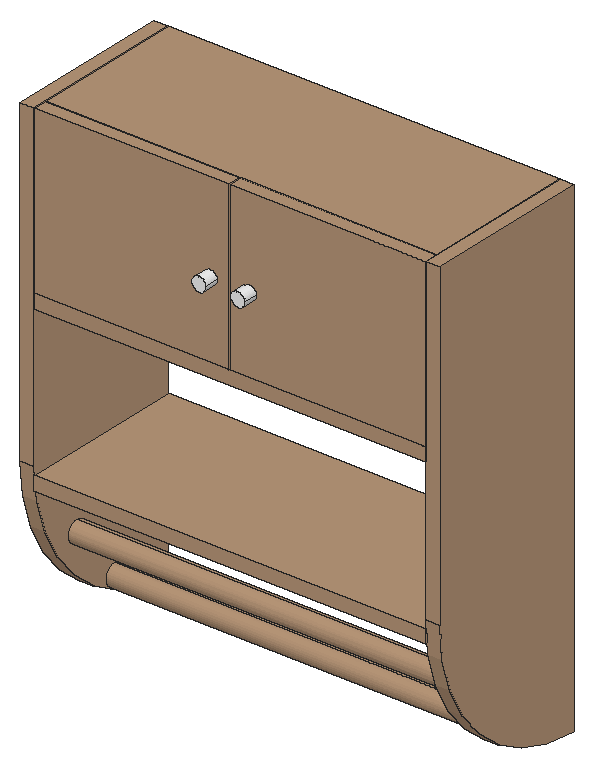
Revit family
Parameters
  Subcategory = "Overhead Cabinet"  # constant formula
  SmartBIM Object Version = 3  # constant formula
  SmartBIM Object Created By = "Reed Construction Data"  # constant formula
  Handle = Satin Plain
  Floor Ofset = 3' - 6"
  Depth = 1' - 0"
  Height = 3' - 0"
  Width = 2' - 6"
  Default Elevation = 4' - 0"
  Cabinet = Wood
  Assembly Code = "C1030410"
  95 CSI = "12350"  # constant formula
  04 CSI = "12 35 30"  # constant formula
Reference planes (in)
  plane 1 "Back": y = 0
  plane 2: z = 0
  plane 3 "Center (Left/Right)": x = 0.7377
  plane 4 "Left": x = -14.2623
  plane 5 "Right": x = 15.7377
  plane 6 "Front": y = -12
  plane 7 "Top": z = 42
  plane 8: y = -6
  plane 9: y = 6
  plane 10: z = 78
  plane 11: x = -13.2623
  plane 12: x = 14.7377
  plane 13: z = 66.127
  plane 14: z = 65.127
  plane 15: z = 77
  plane 16: x = 0.8002
  plane 17: x = 0.6752
  plane 18: y = -5.00963
  plane 19: y = 5.5
  plane 20: z = 54.45332
  plane 21: z = 53.45332
  plane 22: y = -7
  plane 23: z = 71.5635
Forms (in)
  Sweep 1, solid, material "Wood" <- "Cabinet"
    path origin (0, -12, 0) x (1, 0, 0) y (0, 0, 1)
      loop
        line (-13.2623, 45) -> (14.7377, 45)
    profile origin (0.7377, -12, 45) x (0, 0, 1) y (0, -1, 0)
      loop
        circle (0, -13.125) r 0.75
  Sweep 2, solid, material "Wood" <- "Cabinet"
    path origin (0, -12, -3.75) x (1, 0, 0) y (0, 0, 1)
      loop
        line (-13.2623, 53) -> (14.7377, 53)
    profile origin (0.7377, -12, 49.25) x (0, 0, 1) y (0, -1, 0)
      loop
        circle (0, -9.75) r 0.75
  Extrusion 3, solid, material "Wood" <- "Cabinet"
    sketch origin (0, 0, 0) x (1, 0, 0) y (0, 1, 0)
      loop
        line (-13.2623, 6) -> (-13.2623, -6) -> (14.7377, -6) -> (14.7377, 6) -> (-13.2623, 6)
    from 65.127 to 66.127
  Extrusion 4, solid, material "Wood" <- "Cabinet"
    sketch origin (0, 0, 0) x (1, 0, 0) y (0, 1, 0)
      loop
        line (-13.2623, 6) -> (-13.2623, -5.00963) -> (14.7377, -5.00963) -> (14.7377, 6) -> (-13.2623, 6)
    from 77 to 78
  Extrusion 5, solid, material "Wood" <- "Cabinet"
    sketch origin (0, -12, 0) x (1, 0, 0) y (0, 0, 1)
      loop
        line (-13.2623, 78) -> (-13.2623, 66.127) -> (0.6752, 66.127) -> (0.6752, 78) -> (-13.2623, 78)
      loop
        line (0.8002, 78) -> (0.8002, 66.127) -> (14.7377, 66.127) -> (14.7377, 78) -> (0.8002, 78)
    from -6.99037 to -6
  Extrusion 6, solid, material "Wood" <- "Cabinet"
    sketch origin (0, 0, 0) x (1, 0, 0) y (0, 0, 1)
      loop
        line (14.7377, 78) -> (-13.2623, 78) -> (-13.2623, 65.127) -> (14.7377, 65.127) -> (14.7377, 78)
    from -6 to -5.5
  Extrusion 7, solid, material "Wood" <- "Cabinet"
    sketch origin (-14.2623, 0, -6) x (0, -1, 0) y (0, 0, 1)
      loop
        arc (-6, 48.93953) -> (2.48875, 52.49135) -> (6, 60.99696) r 12.05757
        line (6, 60.99696) -> (6, 84) -> (-6, 84) -> (-6, 48.93953)
    from -30 to -29
  Extrusion 8, solid, material "Wood" <- "Cabinet"
    sketch origin (0, 0, 0) x (1, 0, 0) y (0, 1, 0)
      loop
        line (-13.2623, 6) -> (-13.2623, -6) -> (14.7377, -6) -> (14.7377, 6) -> (-13.2623, 6)
    from 53.45332 to 54.45332
  Extrusion 9, solid, material "Satin Plain" <- "Handle"
    sketch origin (0.72541, -12, 8.25) x (-1, 0, 0) y (0, 0, -1)
      loop
        circle (1.3819, -63.31203) r 0.5
      loop
        circle (-1.40649, -63.31203) r 0.5
    from -5 to -6
  Extrusion 10, solid, material "Wood" <- "Cabinet"
    sketch origin (-14.2623, 0, 0) x (0, -1, 0) y (0, 0, 1)
      loop
        arc (-6, 42.93953) -> (2.48875, 46.49135) -> (6, 54.99696) r 12.05757
        line (6, 54.99696) -> (6, 78) -> (-6, 78) -> (-6, 42.93953)
    from -1 to 0
Cuts and joins
  joined: Sweep 1, Sweep 2, Extrusion 3, Extrusion 4, Extrusion 6, Extrusion 8
Dimensions and locks (in)
  "Width": plane 4 "Left" to plane 5 "Right"
  equal spacing: plane 4 "Left", plane 3 "Center (Left/Right)", plane 5 "Right"
  "Floor Ofset": level to plane 7 "Top"
  locked: plane 4 "Left" to plane 11 at 1
  locked: plane 5 "Right" to plane 12 at 1
  "Depth": plane 9 to plane 8
  equal spacing: plane 9, plane 1 "Back", plane 8
  locked: plane 13 to plane 14 at 1
  "Height": plane 10 to plane 7 "Top"
  locked: plane 10 to plane 15 at 1
  locked: plane 18 to plane 8 at 0.99037
  locked: plane 9 to plane 19 at 0.5
  locked: plane 16 to plane 17 at 0.125
  locked: plane 20 to plane 21 at 1
  locked: plane 20 to plane 7 "Top" at 12.45332
  locked: Sweep 2 sketch curve to plane 7 "Top" at 7.25
  locked: Sweep 1 to plane 1 "Back" at 0.375
  plane 8 to plane 22 = 0' - 1"
  locked: plane 3 "Center (Left/Right)" to Extrusion 9 sketch curve at 0.8942
  locked: plane 13 to plane 21 at 12.67368
  equal spacing: plane 15, plane 23, plane 13
  locked: Extrusion 9 sketch curve to plane 23 at 0.49853  (x2)
  locked: Extrusion 9 sketch curve to plane 3 "Center (Left/Right)" at 0.8942
  aligned and locked: plane 11 to Sweep 1 sketch curve
  aligned and locked: plane 12 to Sweep 1 sketch curve
  aligned and locked: plane 11 to Sweep 2 sketch curve
  aligned and locked: plane 12 to Sweep 2 sketch curve
  aligned and locked: plane 11 to Extrusion 3 sketch curve
  aligned and locked: plane 13 to Extrusion 3
  aligned and locked: Extrusion 3 to plane 14
  aligned and locked: plane 11 to Extrusion 4 sketch curve
  aligned and locked: Extrusion 4 to plane 10
  aligned and locked: plane 15 to Extrusion 4
  aligned and locked: Extrusion 5 sketch curve to Extrusion 4
  aligned and locked: plane 13 to Extrusion 5 sketch curve
  aligned and locked: Extrusion 5 sketch curve to plane 17
  aligned and locked: Extrusion 3 to Extrusion 5 sketch curve
  aligned and locked: Extrusion 5 sketch curve to Extrusion 3
  aligned and locked: Extrusion 4 to plane 9
  aligned and locked: Extrusion 3 to plane 9
  aligned and locked: Extrusion 5 to plane 8
  aligned and locked: Extrusion 5 to plane 18
  aligned and locked: plane 8 to Extrusion 3
  aligned and locked: plane 18 to Extrusion 4
  aligned and locked: Extrusion 6 sketch curve to Extrusion 4
  aligned and locked: Extrusion 6 sketch curve to Extrusion 3  (x2)
  aligned and locked: Extrusion 6 to plane 9
  aligned and locked: plane 19 to Extrusion 6
  aligned and locked: plane 5 "Right" to Extrusion 7
  aligned and locked: Extrusion 7 to plane 12
  aligned and locked: plane 16 to Extrusion 5 sketch curve
  aligned and locked: Extrusion 7 to Extrusion 8 sketch curve
  aligned and locked: plane 20 to Extrusion 8
  aligned and locked: Extrusion 8 to plane 21
  aligned and locked: Sweep 2 to plane 11
  aligned and locked: plane 12 to Sweep 2
  aligned and locked: Extrusion 6 sketch curve to plane 12
  aligned and locked: Extrusion 9 to plane 8
  aligned and locked: plane 22 to Extrusion 9
  aligned and locked: Extrusion 7 sketch curve to plane 9
  aligned and locked: plane 8 to Extrusion 7 sketch curve
  aligned and locked: Extrusion 8 to plane 9
  aligned and locked: Extrusion 10 sketch curve to Extrusion 7  (x3)
  aligned and locked: Extrusion 10 to plane 4 "Left"
  aligned and locked: Extrusion 10 to plane 11
Automatic sketch dimensions
  Sweep 1 sketch curve to plane 7 "Top" = 0' - 3"
  Sweep 1 sketch curve to profile plane = 0' - 0"
  Sweep 1 sketch curve to plane 6 "Front" = 1' - 1 1/8"
  Sweep 2 sketch curve to profile plane = 0' - 0"
  Sweep 2 sketch curve to plane 6 "Front" = 0' - 9 3/4"
  Extrusion 3 sketch curve to plane 8 = 0' - 0"
  Extrusion 3 sketch curve to plane 12 = 0' - 0"
  Extrusion 3 sketch curve to plane 9 = 0' - 0"
  Extrusion 4 sketch curve to plane 12 = 0' - 0"
  Extrusion 4 sketch curve to plane 18 = 0' - 0"
  Extrusion 4 sketch curve to plane 9 = 0' - 0"
  Extrusion 5 sketch curve to plane 10 = 0' - 0"
  Extrusion 7 sketch curve to plane 7 "Top" = 0' - 0.93953"
  plane 8 to Extrusion 8 sketch curve = 0' - 0"
  plane 23 to Extrusion 9 sketch curve = 0' - 0.00147"  (x2)
  plane 20 to Extrusion 7 sketch curve = 0' - 0.54364"
  Extrusion 5 sketch curve to plane 11 = 0' - 0"
  Extrusion 7 sketch curve to plane 10 = 0' - 0"
  Extrusion 8 sketch curve to plane 11 = 0' - 0"
  Extrusion 8 sketch curve to plane 19 = 0' - 0 1/2"
  radius of Sweep 1 sketch curve = 0' - 0 3/4"
  radius of Sweep 2 sketch curve = 0' - 0 3/4"
